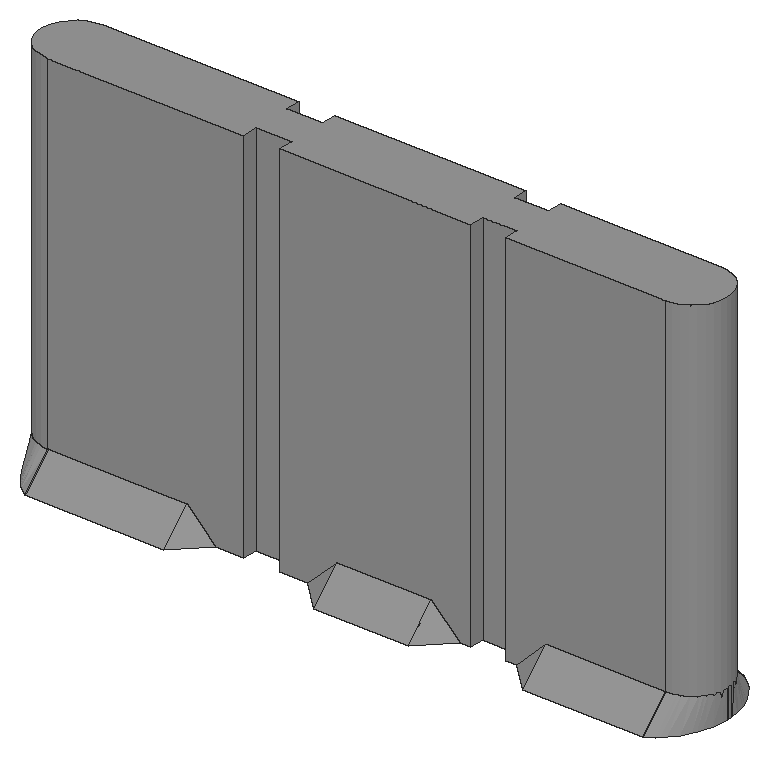
Revit family "闸室底板 - 中墩", category 常规模型, Revit 2019
Family settings
  可将钢筋附着到主体 = 是
  圆形连接件大小 = 使用直径
  零件类型 = 标准
  基于工作平面 = 否
  总是垂直 = 是
  加载时剪切的空心 = 否
  共享 = 否
  房间计算点 = 否
Parameters (values of type "C25")
  高 = 6620 mm
  闸门槽2长 = 600 mm
  闸门槽2深 = 250 mm
  闸门槽1长 = 620 mm
  闸门槽2 = 3400 mm
  闸门槽1深 = 260 mm
  闸门槽1 = 4030 mm
  长 = 12000 mm
  材质 = 钢筋混凝土 C25
  宽 = 1200 mm
Reference planes
  plane 1 "中心(前/后)": y = 0
  plane 2: z = 0
  plane 3 "中心(左/右)": x = 0
  plane 4: y = 600
  plane 5: y = -600
  plane 6: x = -6000
  plane 7: x = 6000
  plane 8: z = 6620
  plane 9: x = -1970
  plane 10: x = 2600
  plane 11: x = -1350
  plane 12: x = 2000
  plane 13: y = -340
  plane 14: y = -350
  plane 15: y = -1100
  plane 16: x = -2970
  plane 17: x = -2470
  plane 18: y = 0
  plane 19: x = -3470
  plane 20: x = -850
  plane 21: x = 1300
  plane 22: x = 800
  plane 23: x = 3300
  plane 24: x = 5500
  plane 25: x = 5000
  plane 26: x = -5400
  plane 27: x = 5400
  plane 28: y = 340
  plane 29: y = 350
  plane 30: y = 1100
  plane 31: x = -350
  plane 32: x = 1800
  plane 33: x = 2800
  plane 34: y = -100
  plane 35: x = -5900
Forms (mm)
  Extrusion 1, void
    sketch origin (0, 0, 0) x (1, 0, 0) y (0, 1, 0)
      loop
        line (2000, -350) -> (2000, -600) -> (2600, -600) -> (2600, -350) -> (2000, -350)
    from 0 to 6620
  Extrusion 2, solid, material "钢筋混凝土 C25" <- "材质"
    sketch origin (0, 0, 0) x (1, 0, 0) y (0, 1, 0)
      loop
        arc (-5400, 600) -> (-6000, 0) -> (-5400, -600) r 600
        line (-5400, -600) -> (5400, -600)
        arc (5400, -600) -> (6000, 0) -> (5400, 600) r 600
        line (5400, 600) -> (-5400, 600)
    from 0 to 6620
  Extrusion 3, void
    sketch origin (0, 0, 0) x (1, 0, 0) y (0, 1, 0)
      loop
        line (2000, 350) -> (2600, 350) -> (2600, 600) -> (2000, 600) -> (2000, 350)
    from 0 to 6620
  Extrusion 4, void
    sketch origin (0, 0, 0) x (1, 0, 0) y (0, 1, 0)
      loop
        line (-1970, -340) -> (-1970, -600) -> (-1350, -600) -> (-1350, -340) -> (-1970, -340)
    from 0 to 6620
  Extrusion 5, void
    sketch origin (0, 0, 0) x (1, 0, 0) y (0, 1, 0)
      loop
        line (-1970, 340) -> (-1350, 340) -> (-1350, 600) -> (-1970, 600) -> (-1970, 340)
    from 0 to 6620
  Extrusion 6, solid, material "钢筋混凝土 C25" <- "材质"
    sketch origin (-5400, 1275.908, 1200) x (0, 1, 0) y (0, 0, 1)
      loop
        line (-1875.908, -700) -> (-2375.908, -1200) -> (-1875.908, -1200) -> (-1875.908, -700)
    from 0 to 2430
  Extrusion 7, solid, material "钢筋混凝土 C25" <- "材质"
    sketch origin (-350, 1275.908, 1200) x (0, 1, 0) y (0, 0, 1)
      loop
        line (-1875.908, -700) -> (-2375.908, -1200) -> (-1875.908, -1200) -> (-1875.908, -700)
    from 0 to 1650
  Extrusion 8, solid, material "钢筋混凝土 C25" <- "材质"
    sketch origin (3300, -1469.846, 1200) x (0, -1, 0) y (0, 0, 1)
      loop
        line (-869.846, -700) -> (-869.846, -1200) -> (-369.846, -1200) -> (-869.846, -700)
    from -2100 to 0
  Sweep 9, solid, material "钢筋混凝土 C25" <- "材质"
    path origin (0, 0, 0) x (1, 0, 0) y (0, 1, 0)
      loop
        line (-2970, -1100) -> (-2470, -600) -> (-2970, -100) -> (-3470, -600) -> (-2970, -1100)
    profile origin (-2720, -850, 0) x (-0.707107, 0.707107, 0) y (0, 0, 1)
      loop
        line (353.553, 500) -> (0, 0) -> (353.553, 0) -> (353.553, 500)
  Sweep 10, solid, material "钢筋混凝土 C25" <- "材质"
    path origin (2620, 0, 0) x (1, 0, 0) y (0, 1, 0)
      loop
        line (-2970, -1100) -> (-2470, -600) -> (-2970, -100) -> (-3470, -600) -> (-2970, -1100)
    profile origin (-100, -850, 0) x (-0.707107, 0.707107, 0) y (0, 0, 1)
      loop
        line (353.553, 500) -> (0, 0) -> (353.553, 0) -> (353.553, 500)
  Sweep 11, solid, material "钢筋混凝土 C25" <- "材质"
    path origin (4270, 0, 0) x (1, 0, 0) y (0, 1, 0)
      loop
        line (-2970, -1100) -> (-2470, -600) -> (-2970, -100) -> (-3470, -600) -> (-2970, -1100)
    profile origin (1550, -850, 0) x (-0.707107, 0.707107, 0) y (0, 0, 1)
      loop
        line (353.553, 500) -> (0, 0) -> (353.553, 0) -> (353.553, 500)
  Sweep 12, solid, material "钢筋混凝土 C25" <- "材质"
    path origin (6270, 0, 0) x (1, 0, 0) y (0, 1, 0)
      loop
        line (-2970, -1100) -> (-2470, -600) -> (-2970, -100) -> (-3470, -600) -> (-2970, -1100)
    profile origin (3550, -850, 0) x (-0.707107, 0.707107, 0) y (0, 0, 1)
      loop
        line (353.553, 500) -> (0, 0) -> (353.553, 0) -> (353.553, 500)
  Blend 13, solid, material "钢筋混凝土 C25" <- "材质"
    base sketch origin (0, 0, 0) x (1, 0, 0) y (0, 1, 0)
      loop
        line (-5400, -1100) -> (-5400, 1100)
        arc (-5400, 1100) -> (-6000, 0) -> (-5400, -1100) r 1308.333
    top sketch origin (0, 0, 0) x (1, 0, 0) y (0, 1, 0)
      loop
        arc (-5400, 600) -> (-6000, 0) -> (-5400, -600) r 600
        line (-5400, -600) -> (-5400, 600)
    from 0 to 500
  Blend 14, solid, material "钢筋混凝土 C25" <- "材质"
    base sketch origin (0, 0, 0) x (-1, 0, 0) y (0, -1, 0)
      loop
        arc (-5400, 1100) -> (-6000, 0) -> (-5400, -1100) r 1308.333
        line (-5400, -1100) -> (-5400, 1100)
    top sketch origin (0, 0, 0) x (-1, 0, 0) y (0, -1, 0)
      loop
        line (-5400, -600) -> (-5400, 600)
        arc (-5400, 600) -> (-6000, 0) -> (-5400, -600) r 600
    from 0 to 500
  Extrusion 15, solid, material "钢筋混凝土 C25" <- "材质"
    sketch origin (-5400, -1275.908, 1200) x (0, -1, 0) y (0, 0, -1)
      loop
        line (-1875.908, 700) -> (-1875.908, 1200) -> (-2375.908, 1200) -> (-1875.908, 700)
    from 0 to 2430
  Extrusion 16, solid, material "钢筋混凝土 C25" <- "材质"
    sketch origin (-350, -1275.908, 1200) x (0, -1, 0) y (0, 0, -1)
      loop
        line (-1875.908, 700) -> (-1875.908, 1200) -> (-2375.908, 1200) -> (-1875.908, 700)
    from 0 to 1650
  Extrusion 17, solid, material "钢筋混凝土 C25" <- "材质"
    sketch origin (3300, 1469.846, 1200) x (0, 1, 0) y (0, 0, -1)
      loop
        line (-869.846, 700) -> (-369.846, 1200) -> (-869.846, 1200) -> (-869.846, 700)
    from -2100 to 0
  Sweep 18, solid, material "钢筋混凝土 C25" <- "材质"
    path origin (0, 0, 0) x (1, 0, 0) y (0, -1, 0)
      loop
        line (-2970, -1100) -> (-2470, -600) -> (-2970, -100) -> (-3470, -600) -> (-2970, -1100)
    profile origin (-2720, 850, 0) x (0.707107, 0.707107, 0) y (0, 0, 1)
      loop
        line (-353.553, 500) -> (-353.553, 0) -> (0, 0) -> (-353.553, 500)
  Sweep 19, solid, material "钢筋混凝土 C25" <- "材质"
    path origin (2620, 0, 0) x (1, 0, 0) y (0, -1, 0)
      loop
        line (-2970, -1100) -> (-2470, -600) -> (-2970, -100) -> (-3470, -600) -> (-2970, -1100)
    profile origin (-100, 850, 0) x (0.707107, 0.707107, 0) y (0, 0, 1)
      loop
        line (-353.553, 500) -> (-353.553, 0) -> (0, 0) -> (-353.553, 500)
  Sweep 20, solid, material "钢筋混凝土 C25" <- "材质"
    path origin (4270, 0, 0) x (1, 0, 0) y (0, -1, 0)
      loop
        line (-2970, -1100) -> (-2470, -600) -> (-2970, -100) -> (-3470, -600) -> (-2970, -1100)
    profile origin (1550, 850, 0) x (0.707107, 0.707107, 0) y (0, 0, 1)
      loop
        line (-353.553, 500) -> (-353.553, 0) -> (0, 0) -> (-353.553, 500)
  Sweep 21, solid, material "钢筋混凝土 C25" <- "材质"
    path origin (6270, 0, 0) x (1, 0, 0) y (0, -1, 0)
      loop
        line (-2970, -1100) -> (-2470, -600) -> (-2970, -100) -> (-3470, -600) -> (-2970, -1100)
    profile origin (3550, 850, 0) x (0.707107, 0.707107, 0) y (0, 0, 1)
      loop
        line (-353.553, 500) -> (-353.553, 0) -> (0, 0) -> (-353.553, 500)
Cuts and joins
  Extrusion 1, Extrusion 3, Extrusion 4, Extrusion 5 cuts Extrusion 2
  joined: Extrusion 2, Extrusion 6, Extrusion 7, Extrusion 8, Sweep 9, Sweep 10, Sweep 11, Sweep 12, Extrusion 15, Extrusion 16, Extrusion 17, Sweep 18, Sweep 19, Sweep 20, Sweep 21
Dimensions and locks
  equal spacing: plane 4, plane 1 "中心(前/后)", plane 5
  "宽": plane 4 to plane 5
  equal spacing: plane 6, plane 3 "中心(左/右)", plane 7
  "长": plane 6 to plane 7
  "高": plane 8 to level
  "闸门槽1": plane 6 to plane 9
  "闸门槽2": plane 10 to plane 7
  "闸门槽1长": plane 9 to plane 11
  "闸门槽2长": plane 12 to plane 10
  "闸门槽2深": plane 14 to plane 5
  plane 5 to plane 15 = 500 mm
  plane 16 to plane 17 = 500 mm
  plane 20 to plane 21 = 2150 mm
  plane 22 to plane 21 = 500 mm
  plane 10 to plane 23 = 700 mm
  plane 27 to plane 7 = 600 mm
  "闸门槽1深": plane 13 to plane 5
  "闸门槽1深": plane 4 to plane 28
  "闸门槽2深": plane 4 to plane 29
  plane 4 to plane 30 = 500 mm
  plane 26 to plane 16 = 2430 mm
  plane 11 to plane 20 = 500 mm
  plane 20 to plane 31 = 500 mm
  plane 31 to plane 21 = 1650 mm
  plane 21 to plane 32 = 500 mm
  plane 23 to plane 27 = 2100 mm
  plane 33 to Extrusion 8 = 500 mm
  aligned and locked: level to plane 2
  aligned and locked: Extrusion 1 sketch curve to plane 14
  aligned and locked: plane 12 to Extrusion 1 sketch curve
  aligned and locked: plane 5 to Extrusion 1 sketch curve
  aligned and locked: Extrusion 1 sketch curve to plane 10
  aligned and locked: plane 8 to Extrusion 1
  aligned and locked: plane 8 to Extrusion 2
  aligned and locked: plane 8 to Extrusion 3
  aligned and locked: Extrusion 4 sketch curve to plane 13
  aligned and locked: plane 9 to Extrusion 4 sketch curve
  aligned and locked: plane 5 to Extrusion 4 sketch curve
  aligned and locked: Extrusion 4 sketch curve to plane 11
  aligned and locked: plane 8 to Extrusion 4
  aligned and locked: Extrusion 5 to plane 9
  aligned and locked: plane 11 to Extrusion 5
  aligned and locked: plane 28 to Extrusion 5
  aligned and locked: plane 4 to Extrusion 5
  aligned and locked: plane 8 to Extrusion 5
  aligned and locked: plane 4 to Extrusion 3
  aligned and locked: plane 10 to Extrusion 3
  aligned and locked: plane 29 to Extrusion 3
Automatic sketch dimensions
  Extrusion 2 sketch curve to plane 1 "中心(前/后)" = 0 mm
  Extrusion 2 sketch curve to plane 26 = 0 mm
  Extrusion 2 sketch curve to plane 5 = 0 mm
  Extrusion 2 sketch curve to plane 27 = 0 mm
  Extrusion 3 sketch curve to plane 4 = 0 mm
  Extrusion 3 sketch curve to plane 12 = 0 mm
  Extrusion 3 sketch curve to plane 10 = 0 mm
  plane 29 to Extrusion 3 sketch curve = 0 mm
  Extrusion 5 sketch curve to plane 4 = 0 mm
  Extrusion 5 sketch curve to plane 9 = 0 mm
  Extrusion 5 sketch curve to plane 11 = 0 mm
  plane 28 to Extrusion 5 sketch curve = 0 mm
  Extrusion 6 sketch curve to level = 0 mm
  Extrusion 6 sketch curve to plane 15 = 0 mm
  Extrusion 6 sketch curve to plane 5 = 0 mm
  Extrusion 6 sketch curve to Extrusion 6 sketch curve = 500 mm
  Extrusion 7 sketch curve to level = 0 mm
  Extrusion 7 sketch curve to plane 15 = 0 mm
  Extrusion 7 sketch curve to plane 5 = 0 mm
  Extrusion 7 sketch curve to Extrusion 7 sketch curve = 500 mm
  Extrusion 8 sketch curve to plane 5 = 0 mm
  Extrusion 8 sketch curve to level = 0 mm
  Extrusion 8 sketch curve to plane 15 = 0 mm
  Extrusion 8 sketch curve to Extrusion 8 sketch curve = 500 mm
  Sweep 9 sketch curve to plane 5 = 0 mm
  Sweep 9 sketch curve to plane 19 = 0 mm
  Sweep 9 sketch curve to plane 16 = 0 mm  (x2)
  Sweep 9 sketch curve to plane 15 = 0 mm
  level to Sweep 9 sketch curve = 0 mm
  Sweep 9 sketch curve to profile plane = 0 mm
  Sweep 9 sketch curve to Sweep 9 sketch curve = 353.553 mm
  level to Sweep 9 sketch curve = 500 mm
  Sweep 10 sketch curve to plane 5 = 0 mm
  Sweep 10 sketch curve to plane 20 = 0 mm
  Sweep 10 sketch curve to plane 31 = 0 mm  (x2)
  Sweep 10 sketch curve to plane 15 = 0 mm
  level to Sweep 10 sketch curve = 0 mm
  Sweep 10 sketch curve to profile plane = 0 mm
  Sweep 10 sketch curve to Sweep 10 sketch curve = 353.553 mm
  level to Sweep 10 sketch curve = 500 mm
  Sweep 11 sketch curve to plane 5 = 0 mm
  Sweep 11 sketch curve to plane 22 = 0 mm
  Sweep 11 sketch curve to plane 21 = 0 mm  (x2)
  Sweep 11 sketch curve to plane 15 = 0 mm
  level to Sweep 11 sketch curve = 0 mm
  Sweep 11 sketch curve to profile plane = 0 mm
  Sweep 11 sketch curve to Sweep 11 sketch curve = 353.553 mm
  level to Sweep 11 sketch curve = 500 mm
  Sweep 12 sketch curve to plane 5 = 0 mm
  Sweep 12 sketch curve to plane 33 = 0 mm
  Sweep 12 sketch curve to plane 23 = 0 mm  (x2)
  Sweep 12 sketch curve to plane 15 = 0 mm
  level to Sweep 12 sketch curve = 0 mm
  Sweep 12 sketch curve to profile plane = 0 mm
  Sweep 12 sketch curve to Sweep 12 sketch curve = 353.553 mm
  level to Sweep 12 sketch curve = 500 mm
  Blend 13 sketch curve to plane 15 = 0 mm
  Blend 13 sketch curve to plane 26 = 0 mm  (x2)
  Blend 13 sketch curve to plane 1 "中心(前/后)" = 0 mm
  plane 26 to Blend 13 sketch curve = 708.333 mm
  Blend 13 sketch curve to plane 4 = 0 mm
  Blend 13 sketch curve to plane 5 = 0 mm
  Blend 14 sketch curve to plane 15 = 0 mm
  Blend 14 sketch curve to plane 27 = 0 mm  (x2)
  plane 1 "中心(前/后)" to Blend 14 sketch curve = 0 mm
  plane 25 to Blend 14 sketch curve = 308.333 mm
  Blend 14 sketch curve to plane 4 = 0 mm
  Blend 14 sketch curve to plane 5 = 0 mm
  Extrusion 15 sketch curve to level = 0 mm
  Extrusion 15 sketch curve to plane 30 = 0 mm
  Extrusion 15 sketch curve to plane 4 = 0 mm
  Extrusion 15 sketch curve to Extrusion 15 sketch curve = 500 mm
  Extrusion 16 sketch curve to level = 0 mm
  Extrusion 16 sketch curve to plane 30 = 0 mm
  Extrusion 16 sketch curve to plane 4 = 0 mm
  Extrusion 16 sketch curve to Extrusion 16 sketch curve = 500 mm
  Extrusion 17 sketch curve to plane 4 = 0 mm
  Extrusion 17 sketch curve to level = 0 mm
  Extrusion 17 sketch curve to plane 30 = 0 mm
  Extrusion 17 sketch curve to Extrusion 17 sketch curve = 500 mm
  Sweep 18 sketch curve to plane 4 = 0 mm
  Sweep 18 sketch curve to plane 19 = 0 mm
  Sweep 18 sketch curve to plane 16 = 0 mm  (x2)
  plane 30 to Sweep 18 sketch curve = 0 mm
  Sweep 18 sketch curve to level = 0 mm
  Sweep 18 sketch curve to profile plane = 0 mm
  profile plane to Sweep 18 sketch curve = 353.553 mm
  level to Sweep 18 sketch curve = 500 mm
  Sweep 19 sketch curve to plane 4 = 0 mm
  Sweep 19 sketch curve to plane 20 = 0 mm
  Sweep 19 sketch curve to plane 31 = 0 mm  (x2)
  plane 30 to Sweep 19 sketch curve = 0 mm
  Sweep 19 sketch curve to level = 0 mm
  Sweep 19 sketch curve to profile plane = 0 mm
  profile plane to Sweep 19 sketch curve = 353.553 mm
  level to Sweep 19 sketch curve = 500 mm
  Sweep 20 sketch curve to plane 4 = 0 mm
  Sweep 20 sketch curve to plane 22 = 0 mm
  Sweep 20 sketch curve to plane 21 = 0 mm  (x2)
  plane 30 to Sweep 20 sketch curve = 0 mm
  Sweep 20 sketch curve to level = 0 mm
  Sweep 20 sketch curve to profile plane = 0 mm
  profile plane to Sweep 20 sketch curve = 353.553 mm
  level to Sweep 20 sketch curve = 500 mm
  Sweep 21 sketch curve to plane 4 = 0 mm
  Sweep 21 sketch curve to plane 33 = 0 mm
  Sweep 21 sketch curve to plane 23 = 0 mm  (x2)
  plane 30 to Sweep 21 sketch curve = 0 mm
  Sweep 21 sketch curve to level = 0 mm
  Sweep 21 sketch curve to profile plane = 0 mm
  profile plane to Sweep 21 sketch curve = 353.553 mm
  level to Sweep 21 sketch curve = 500 mm
